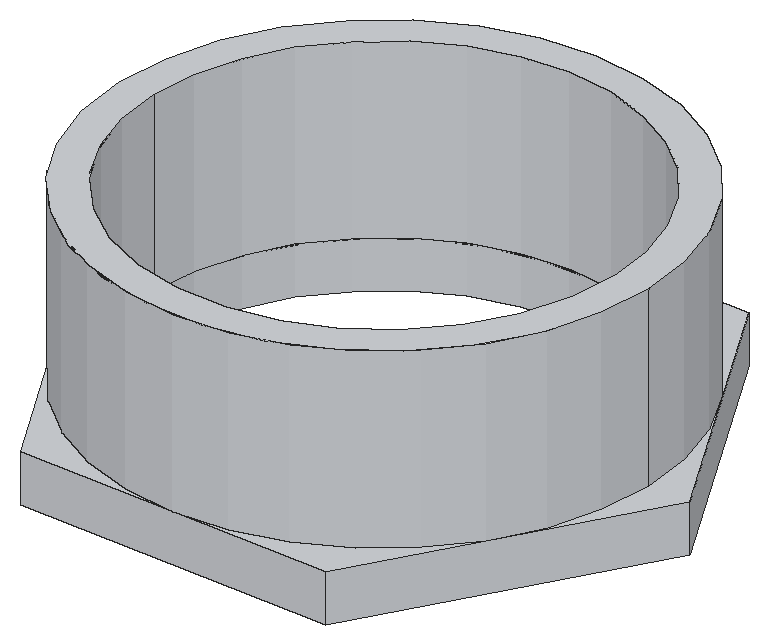
Revit family "MBBS4", category Generic Models, Revit 2017
Family settings
  Can host rebar = No
  Round Connector Dimension = Use Diameter
  Part Type = Normal
  Work Plane-Based = Yes
  Always vertical = No
  Cut with Voids When Loaded = No
  Shared = No
  Room Calculation Point = No
Parameters (values of type "NBS Standard Parameters")
  Weight = "0.0354Kg"
  WarrantyStartDate [instance] = "1900-12-31T23:59:59"
  WarrantyGuarantorParts = "n/a"
  WarrantyGuarantorLabor = "n/a"
  WarrantyDurationUnit = "1 year"
  WarrantyDurationParts = "1 Year"
  WarrantyDurationLabor = "n/a"
  WarrantyDescription = "n/a"
  Version = "1"
  Uniclass2 = "Pr_65_70_11_20"
  TagNumber [instance] = "n/a"
  SustainabilityPerformance = "n/a"
  Size = "1.5\""
  Shape = "Circular"
  SerialNumber [instance] = "n/a"
  Revision = "n/a"
  ReplacementCost = "n/a"
  ProductInformation = "www.metpro.co.uk/pdf/mbbs4.pdf"
  NominalWidth = 39 mm
  NominalLength = 39 mm
  NominalHeight = 16.5 mm
  Name = ""
  NBSTypeID = ""
  NBSReference = "90-55-10/460"
  NBSOfficeMasterTag = ""
  NBSNote = ""
  NBSDescription = "Conduit Fittings"
  NBSCertification = ""
  ModelReference = "MBBS4"
  ModelNumber = "n/a"
  Material = "Brass"
  ManufacturerURL = "www.metpro.co.uk"
  ManufacturerName = "Metpro Ltd"
  InstallationDate [instance] = "1900-12-31T23:59:59"
  IfcExportType = ""
  IfcExportAs = ""
  Grade = "n/a"
  Finish = "Self Colour"
  Features = "n/a"
  ExpectedLife = "n/a"
  DurationUnit = "year"
  Description = "MBBS4 - 1.5 \" Male Brass Bush - Short"
  Default Elevation = 1219.2 mm
  Constituents = "n/a"
  Color = "n/a"
  CodePerformance = "n/a"
  Category = "n/a"
  BarCode [instance] = "n/a"
  BIMObjectName = "Metpro_metprolibrary_conduitfittings_metalcomponent_brassaccessories"
  Author = "Metpro Ltd"
  AssetType = "Fixed"
  AssetIdentifier [instance] = "n/a"
  AccessibilityPerformance = "n/a"
Reference planes
  plane 1 "Center (Front/Back)": y = 0
  plane 2: z = 0
  plane 3 "Center (Left/Right)": x = 0
Forms (mm)
  Extrusion 1, solid
    sketch origin (0, 0, 0) x (1, 0, 0) y (0, 1, 0)
      loop
        circle (8.689, 13.293) r 17
      loop
        line (-2.554, 32.767) -> (-13.797, 13.293) -> (-2.554, -6.18) -> (19.932, -6.18) -> (31.175, 13.293) -> (19.932, 32.767) -> (-2.554, 32.767)
    from 0 to 3.5
  Extrusion 2, solid
    sketch origin (0, 0, 3.5) x (1, 0, 0) y (0, 1, 0)
      loop
        circle (8.689, 13.293) r 17
      loop
        circle (8.689, 13.293) r 19.474
    from 0 to 13
Dimensions and locks
  aligned and locked: level to plane 2
